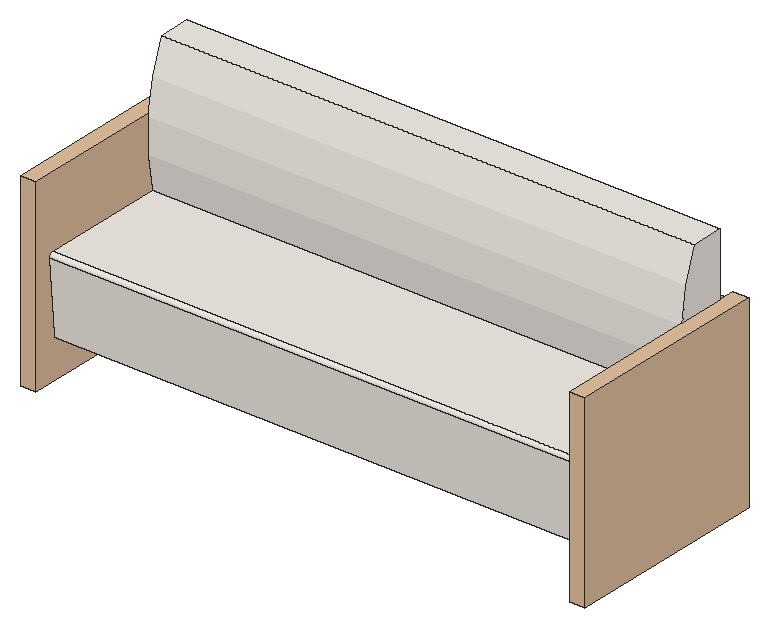
Revit family
Parameters (values of type "1830mm")
  Width = 1830.00 mm
  Seat Material = Textile - Linen, Smooth
  Frame Material = Wood - Cherry
Types (3, lengths in mm): name | Width
  (no name) | 1830.00
  1830mm | 1830.00
  1372mm | 1372.00
Reference planes
  plane 1 "Center (Front/Back)": y = 146.154
  plane 2: z = 0
  plane 3 "Center (Left/Right)": x = 70.37
  plane 4: y = 476.354
  plane 5: y = -184.046
  plane 6: x = 985.37
  plane 7: x = -844.63
  plane 8: z = 812.8
Forms (mm)
  Extrusion 1, solid, material "Wood - Cherry" <- "Frame Material"
    sketch origin (0, 0, 0) x (1, 0, 0) y (0, 1, 0)
      loop
        line (-844.63, 476.354) -> (-844.63, -184.046) -> (-793.83, -184.046) -> (-793.83, 476.354) -> (-844.63, 476.354)
      loop
        line (934.57, 476.354) -> (934.57, -184.046) -> (985.37, -184.046) -> (985.37, 476.354) -> (934.57, 476.354)
    from 0 to 609.6
  Extrusion 2, solid, material "Textile - Linen, Smooth" <- "Seat Material"
    sketch origin (985.37, 0, 0) x (0, -1, 0) y (0, 0, 1)
      loop
        line (119.386, 381) -> (-286.176, 381)
        arc (-286.176, 381) -> (-268.63, 600.088) -> (-323.954, 812.8) r 660.4
        line (-323.954, 812.8) -> (-425.554, 812.8) -> (-425.554, 127.967) -> (111.108, 127.967) -> (132.038, 367.193)
        arc (132.038, 367.193) -> (128.75, 376.88) -> (119.386, 381) r 12.7
    from 50.8 to 1779.2
  Extrusion 3, solid, material "Wood - Cherry" <- "Frame Material"
    sketch origin (985.37, 0, 0) x (0, -1, 0) y (0, 0, 1)
      loop
        line (-476.354, 584.2) -> (-476.354, 457.2) -> (-425.554, 457.2) -> (-425.554, 584.2) -> (-476.354, 584.2)
      loop
        line (-476.354, 393.7) -> (-476.354, 266.7) -> (-425.554, 266.7) -> (-425.554, 393.7) -> (-476.354, 393.7)
      loop
        line (-476.354, 203.2) -> (-476.354, 76.2) -> (-425.554, 76.2) -> (-425.554, 203.2) -> (-476.354, 203.2)
    from 50.8 to 1779.2
Lines and regions (mm)
  Masking region 1
    outline origin (0, 0, 0) x (1, 0, 0) y (0, 1, 0)
      loop
        line (-793.83, -132.038) -> (934.57, -132.038) -> (934.57, -184.046) -> (985.37, -184.046) -> (985.37, 476.354) -> (-844.63, 476.354) -> (-844.63, -184.046) -> (-793.83, -184.046) -> (-793.83, -132.038)
  symbolic lines
    curve 1: line (-793.83, 476.354, 0) -> (934.57, 476.354, 0)
    curve 2: line (-793.83, 425.554, 0) -> (-793.83, 476.354, 0)
    curve 3: line (934.57, 425.554, 0) -> (-793.83, 425.554, 0)
    curve 4: line (934.57, 476.354, 0) -> (934.57, 425.554, 0)
    curve 5: line (985.37, -184.046, 0) -> (934.57, -184.046, 0)
    curve 6: line (985.37, 476.354, 0) -> (985.37, -184.046, 0)
    curve 7: line (934.57, 476.354, 0) -> (985.37, 476.354, 0)
    curve 8: line (934.57, -184.046, 0) -> (934.57, 476.354, 0)
    curve 9: line (-793.83, -184.046, 0) -> (-844.63, -184.046, 0)
    curve 10: line (-793.83, 476.354, 0) -> (-793.83, -184.046, 0)
    curve 11: line (-844.63, 476.354, 0) -> (-793.83, 476.354, 0)
    curve 12: line (-844.63, -184.046, 0) -> (-844.63, 476.354, 0)
    curve 13: line (-793.83, -132.038, 0) -> (934.57, -132.038, 0)
    curve 14: line (934.57, 323.954, 0) -> (-793.83, 323.954, 0)
Dimensions and locks
  equal spacing: plane 7, plane 3 "Center (Left/Right)", plane 6
  equal spacing: plane 5, plane 1 "Center (Front/Back)", plane 4
  "Width": plane 7 to plane 6
  aligned and locked: Extrusion 2 to Extrusion 1  (x2)
  aligned and locked: Extrusion 2 to Extrusion 3
Automatic sketch dimensions
  Extrusion 2 sketch curve to plane 8 = 0.00 mm
  Extrusion 2 sketch curve to plane 4 = 450.163 mm
  plane 4 to Extrusion 2 sketch curve = 50.80 mm
  Extrusion 2 sketch curve to Extrusion 2 sketch curve = 101.60 mm
  Extrusion 2 sketch curve to plane 1 "Center (Front/Back)" = 140.022 mm
  Extrusion 2 sketch curve to plane 5 = 72.938 mm
  Extrusion 2 sketch curve to plane 5 = 64.66 mm
  Extrusion 2 sketch curve to Extrusion 2 sketch curve = 12.652 mm
  level to Extrusion 2 sketch curve = 542.53 mm
  Extrusion 2 sketch curve to Extrusion 2 sketch curve = 12.70 mm
  level to Extrusion 2 sketch curve = 127.967 mm
  Extrusion 3 sketch curve to plane 4 = 0.00 mm  (x3)
  plane 4 to Extrusion 3 sketch curve = 50.80 mm  (x3)
  level to Extrusion 3 sketch curve = 76.20 mm
  Extrusion 3 sketch curve to Extrusion 3 sketch curve = 127.00 mm  (x3)
  Extrusion 3 sketch curve to Extrusion 3 sketch curve = 63.50 mm  (x2)
  curve 12 to plane 5 = 0.00 mm
  curve 12 to plane 7 = 0.00 mm
  curve 11 to plane 4 = 0.00 mm
  curve 5 to plane 5 = 0.00 mm
  curve 6 to plane 6 = 0.00 mm
  curve 3 to plane 7 = 50.80 mm
  plane 6 to curve 4 = 50.80 mm
  curve 5 to curve 13 = 52.008 mm
  curve 14 to curve 1 = 152.40 mm
  curve 3 to curve 1 = 50.80 mm
  Extrusion 1 sketch curve to plane 5 = 0.00 mm  (x2)
  Extrusion 1 sketch curve to plane 7 = 0.00 mm
  Extrusion 1 sketch curve to plane 4 = 0.00 mm  (x2)
  Extrusion 1 sketch curve to plane 6 = 0.00 mm
  Extrusion 1 sketch curve to Extrusion 1 sketch curve = 50.80 mm
  plane 6 to Extrusion 1 sketch curve = 50.80 mm
  Masking region 1 sketch curve to plane 4 = 0.00 mm
  Masking region 1 sketch curve to plane 7 = 0.00 mm
  Masking region 1 sketch curve to plane 5 = 0.00 mm  (x2)
  Masking region 1 sketch curve to plane 6 = 0.00 mm
  Masking region 1 sketch curve to plane 7 = 50.80 mm
  plane 6 to Masking region 1 sketch curve = 50.80 mm
  Masking region 1 sketch curve to Masking region 1 sketch curve = 52.008 mm
